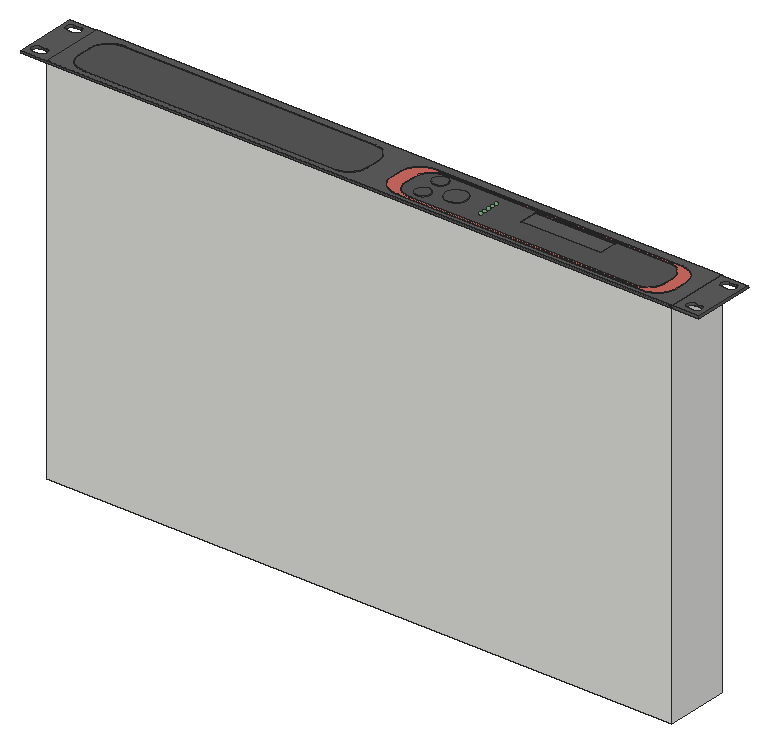
Revit family "Electronics_Fixed-Audio-DSP_Biamp_Tesira_TesiraFORTE_AVB-VT__", category Communication Devices, host Face, Revit 2020
Family settings
  Host = Face
  Maintain Annotation Orientation = No
  Round Connector Dimension = Use Diameter
  Part Type = Normal
  OmniClass Number = 23.85.10.11.11
  OmniClass Title = Sound and Signal Devices
  Cut with Voids When Loaded = No
  Shared = No
  Room Calculation Point = No
Parameters (values of type "AVB VT")
  Width = 19.00"  # constant formula
  Weight = 8.00 lbf  # constant formula
  Voltage = 120 V
  URL = "https://www.biamp.com/"
  Type 2 = yes
  Temperature Range = "32 - 104° F (0 - 40° C)"  # constant formula
  THD+N = "0dB gain, +4dBu input: < 0.006%; 54dB gain, -50dBu input: < 0.040%"  # constant formula
  Sampling Rate = "48kHz\r"  # constant formula
  Sample Rate = "USB 48kHz"  # constant formula
  Product data url = "https://www.bimobject.com/biamp/product/tesiraforte-avb-vt4_fixed-audio-dsp"
  Product Page URL = "https://www.biamp.com/products/tesira-fixed-audio-dsp#tesiraforte-avb-vt"
  Product Documentation Link = "https://downloads.biamp.com/assets/docs/default-source/data-sheets/biamp_data_sheet_tesiraforte_avb_vt_oct20.pdf"
  Power Factor = 1
  Phantom Power = "+48VDC (7mA/input)\r"  # constant formula
  Output Impedance = "207 ohm"  # constant formula
  Number of Poles = 1
  Number of Channels = "up to 8"  # constant formula
  Maximum Output = "+24dBu, +18dBu, +12dBu, +6dBu, 0dBu, -31dBu"  # constant formula
  Maximum Input = "+24dBu"  # constant formula
  Max Power Consumption = 35 W
  Input Impedance = "8 kohm"  # constant formula
  Input Gain Range = "0-66dB"  # constant formula
  Humidity = "0-98% relative humidity (non-condensing)"  # constant formula
  Housing Material = Biamp - Metal - Silver
  Height = 1.75"  # constant formula
  Frequency Response = "20Hz to 20kHz, +4dBu output: +0.25 dB/-0.5 dB"  # constant formula
  EIN = "no weighting, 22Hz to 22kHz: < -125dBu"  # constant formula
  Dynamic Range = "22Hz to 22kHz, 0dB gain: > 108dB\r"  # constant formula
  Depth = 10.50"  # constant formula
  DAN/AVB = yes
  VoIP+Telephone Line = yes
  Type1 = yes
  Model = "TesiraFORTÉ AVB VT"  # constant formula
  Manufacturer = "Biamp"  # constant formula
  Description = "TesiraFORTÉ® AVB VT4 Fixed I/O DSP"  # constant formula
  Default Elevation = 48.00"
  Cross Talk = "0dB gain, +4dBu input: < -85dB; 54dB gain, -50dBu input: < -75dB"  # constant formula
  Connector Description = "100-240VAC 50/60Hz"
  Compliance = "FCC Part 15B (USA), CE marked (Europe), UL und C-UL listed (USA and Canada), RCM (Australia), RoHS Directive (Europe)"  # constant formula
  Bit Depth = "16- or 24-bit"  # constant formula
  Assembly Code = ""
  Apparent Load = Max Power Consumption / Power Factor  # 35 VA
  Altitude = "0-6,600 ft (0-2000m) MSL"  # constant formula
  A/D - D/A Converters = "24-bit"  # constant formula
Reference planes (in)
  plane 1 "Center (Front/Back)": y = 0
  plane 2: z = 0
  plane 3 "Center (Left/Right)": x = 0
  plane 4: x = 18.35304
  plane 5: y = 0.60831
  plane 6: y = -0.59466
  plane 7: y = -0.86817
  plane 8: y = 0.88183
  plane 9: x = 18.67652
  plane 10: x = -0.32348
Forms (in)
  Extrusion 1, solid, material "Biamp - Plastic - Red", detail levels medium+fine
    sketch origin (9.17652, -0.86817, -5.18699) x (1, 0, 0) y (0, 1, 0)
      loop
        arc (0.91084, 1.51843) -> (0.52967, 1.36054) -> (0.37178, 0.97937) r 0.53906
        line (0.37178, 0.97937) -> (0.37178, 0.67022)
        arc (0.37178, 0.67022) -> (0.52998, 0.28829) -> (0.91192, 0.13009) r 0.54014
        line (0.91192, 0.13009) -> (7.81996, 0.13009)
        arc (7.81996, 0.13009) -> (8.20114, 0.28798) -> (8.35902, 0.66915) r 0.53906
        line (8.35902, 0.66915) -> (8.35902, 0.97937)
        arc (8.35902, 0.97937) -> (8.20114, 1.36054) -> (7.81996, 1.51843) r 0.53906
        line (7.81996, 1.51843) -> (0.91084, 1.51843)
      loop
        line (1.22622, 0.20126) -> (7.54738, 0.20126)
        arc (7.54738, 0.20126) -> (7.87547, 0.33716) -> (8.01138, 0.66526) r 0.464
        line (8.01138, 0.66526) -> (8.01138, 0.95126)
        arc (8.01138, 0.95126) -> (7.86493, 1.30482) -> (7.51138, 1.45126) r 0.5
        line (7.51138, 1.45126) -> (1.22622, 1.45126)
        arc (1.22622, 1.45126) -> (0.89753, 1.31511) -> (0.76138, 0.98642) r 0.46484
        line (0.76138, 0.98642) -> (0.76138, 0.66611)
        arc (0.76138, 0.66611) -> (0.89753, 0.33741) -> (1.22622, 0.20126) r 0.46484
    from 5.24135 to 5.25
  Extrusion 2, solid, material "Biamp - Metal - Black"
    sketch origin (9.17652, -0.86817, -5.18699) x (1, 0, 0) y (0, 1, 0)
      loop
        line (-9.5, 1.75) -> (-9.5, 0) -> (9.5, 0) -> (9.5, 1.75) -> (-9.5, 1.75)
    from 5.18699 to 5.24135
  Extrusion 3, void, detail levels medium+fine
    sketch origin (9.17652, -0.86817, -5.18699) x (1, 0, 0) y (0, 1, 0)
      loop
        arc (9.0994, 1.61097) -> (8.96492, 1.47649) -> (9.0994, 1.342) r 0.13448
        line (9.0994, 1.342) -> (9.25364, 1.342)
        arc (9.25364, 1.342) -> (9.38812, 1.47649) -> (9.25364, 1.61097) r 0.13448
        line (9.25364, 1.61097) -> (9.0994, 1.61097)
      loop
        arc (9.0994, 0.408) -> (8.96492, 0.27351) -> (9.0994, 0.13903) r 0.13448
        line (9.0994, 0.13903) -> (9.25364, 0.13903)
        arc (9.25364, 0.13903) -> (9.38812, 0.27351) -> (9.25364, 0.408) r 0.13448
        line (9.25364, 0.408) -> (9.0994, 0.408)
      loop
        arc (-9.25364, 1.61097) -> (-9.38812, 1.47649) -> (-9.25364, 1.342) r 0.13448
        line (-9.25364, 1.342) -> (-9.0994, 1.342)
        arc (-9.0994, 1.342) -> (-8.96492, 1.47649) -> (-9.0994, 1.61097) r 0.13448
        line (-9.0994, 1.61097) -> (-9.25364, 1.61097)
      loop
        arc (-9.25364, 0.408) -> (-9.38812, 0.27351) -> (-9.25364, 0.13903) r 0.13448
        line (-9.25364, 0.13903) -> (-9.0994, 0.13903)
        arc (-9.0994, 0.13903) -> (-8.96492, 0.27351) -> (-9.0994, 0.408) r 0.13448
        line (-9.0994, 0.408) -> (-9.25364, 0.408)
    from 5.18699 to 5.24135
  Extrusion 4, solid, material "Biamp - Glass - Gray", detail levels medium+fine
    sketch origin (9.17652, -0.86817, -5.18699) x (1, 0, 0) y (0, 1, 0)
      loop
        line (3.83453, 0.85955) -> (6.08453, 0.85955) -> (6.08453, 1.3833) -> (3.83453, 1.3833) -> (3.83453, 0.85955)
    from 5.24135 to 5.25
  Extrusion 5, solid, material "Biamp - Plastic - Black", detail levels medium+fine
    sketch origin (9.17652, -0.86817, -5.18699) x (1, 0, 0) y (0, 1, 0)
      loop
        arc (1.22622, 1.45126) -> (0.89753, 1.31511) -> (0.76138, 0.98642) r 0.46484
        line (0.76138, 0.98642) -> (0.76138, 0.66611)
        arc (0.76138, 0.66611) -> (0.89753, 0.33741) -> (1.22622, 0.20126) r 0.46484
        line (1.22622, 0.20126) -> (7.54738, 0.20126)
        arc (7.54738, 0.20126) -> (7.87547, 0.33716) -> (8.01138, 0.66526) r 0.464
        line (8.01138, 0.66526) -> (8.01138, 0.95126)
        arc (8.01138, 0.95126) -> (7.86493, 1.30482) -> (7.51138, 1.45126) r 0.5
        line (7.51138, 1.45126) -> (1.22622, 1.45126)
      loop
        line (3.83453, 0.85955) -> (6.08453, 0.85955) -> (6.08453, 1.3833) -> (3.83453, 1.3833) -> (3.83453, 0.85955)
    from 5.24135 to 5.24805
  Extrusion 6, solid, material "Biamp - Metal - Black", detail levels medium+fine
    sketch origin (9.17652, -0.86817, -5.18699) x (1, 0, 0) y (0, 1, 0)
      loop
        line (-8.75742, 1.75) -> (-8.75742, 0) -> (8.75742, 0) -> (8.75742, 1.75) -> (-8.75742, 1.75)
      loop
        line (8.35902, 0.66915) -> (8.35902, 0.97937)
        arc (8.35902, 0.97937) -> (8.20114, 1.36054) -> (7.81996, 1.51843) r 0.53906
        line (7.81996, 1.51843) -> (0.91084, 1.51843)
        arc (0.91084, 1.51843) -> (0.52967, 1.36054) -> (0.37178, 0.97937) r 0.53906
        line (0.37178, 0.97937) -> (0.37178, 0.67022)
        arc (0.37178, 0.67022) -> (0.52998, 0.28829) -> (0.91192, 0.13009) r 0.54014
        line (0.91192, 0.13009) -> (7.81996, 0.13009)
        arc (7.81996, 0.13009) -> (8.20114, 0.28798) -> (8.35902, 0.66915) r 0.53906
      loop
        line (-0.80003, 1.5425) -> (-7.86956, 1.5425)
        arc (-7.86956, 1.5425) -> (-8.22311, 1.39606) -> (-8.36956, 1.0425) r 0.5
        line (-8.36956, 1.0425) -> (-8.36956, 0.64195)
        arc (-8.36956, 0.64195) -> (-8.22311, 0.2884) -> (-7.86956, 0.14195) r 0.5
        line (-7.86956, 0.14195) -> (-0.80003, 0.14195)
        arc (-0.80003, 0.14195) -> (-0.44647, 0.2884) -> (-0.30003, 0.64195) r 0.5
        line (-0.30003, 0.64195) -> (-0.30003, 1.0425)
        arc (-0.30003, 1.0425) -> (-0.44647, 1.39606) -> (-0.80003, 1.5425) r 0.5
    from 5.24135 to 5.25
  Extrusion 7, solid, material "Biamp - Plastic - Black(Grid)", detail levels medium+fine
    sketch origin (9.17652, -0.86817, -5.18699) x (1, 0, 0) y (0, 1, 0)
      loop
        arc (-7.86956, 1.5425) -> (-8.22311, 1.39606) -> (-8.36956, 1.0425) r 0.5
        line (-8.36956, 1.0425) -> (-8.36956, 0.64195)
        arc (-8.36956, 0.64195) -> (-8.22311, 0.2884) -> (-7.86956, 0.14195) r 0.5
        line (-7.86956, 0.14195) -> (-0.80003, 0.14195)
        arc (-0.80003, 0.14195) -> (-0.44647, 0.2884) -> (-0.30003, 0.64195) r 0.5
        line (-0.30003, 0.64195) -> (-0.30003, 1.0425)
        arc (-0.30003, 1.0425) -> (-0.44647, 1.39606) -> (-0.80003, 1.5425) r 0.5
        line (-0.80003, 1.5425) -> (-7.86956, 1.5425)
    from 5.24135 to 5.25
  Extrusion 8, solid, material "Biamp - Metal - Silver" <- "Housing Material"
    sketch origin (9.17652, -0.86817, -5.18699) x (1, 0, 0) y (0, 0, -1)
      loop
        line (-8.75742, 5.25) -> (-8.75742, -5.18699) -> (8.75742, -5.18699) -> (8.75742, 5.25) -> (-8.75742, 5.25)
    from 0 to 1.75
  Extrusion 9, solid, material "Biamp - Metal - Silver" <- "Housing Material", visible <- "Type1"
    sketch origin (9.17652, -0.86817, -5.18699) x (1, 0, 0) y (0, 1, 0)
      loop
        line (6.99083, 1.52401) -> (6.99083, 0.59433) -> (8.24083, 0.59433) -> (8.24083, 1.52401) -> (6.99083, 1.52401)
      loop
        line (6.26249, 0.22588) -> (6.26249, 0.78659) -> (5.55775, 0.78659) -> (5.55775, 0.22588) -> (6.26249, 0.22588)
      loop
        line (3.15045, 0.26348) -> (3.23229, 0.72758) -> (2.37912, 0.72758) -> (2.46096, 0.26348) -> (3.15045, 0.26348)
      loop
        line (1.96267, 0.22749) -> (1.96267, 0.70184) -> (1.42474, 0.70184) -> (1.42474, 0.22749) -> (1.96267, 0.22749)
      loop
        line (0.16865, 0.53988) -> (-0.7835, 0.53988) -> (-0.7835, 0.22373) -> (0.16865, 0.22373) -> (0.16865, 0.53988)
      loop
        line (-4.9886, 1.33802) -> (-5.65288, 1.33802) -> (-5.65288, 0.88089) -> (-4.9886, 0.88089) -> (-4.9886, 1.33802)
      loop
        line (-5.96289, 1.33802) -> (-6.62717, 1.33802) -> (-6.62717, 0.88089) -> (-5.96289, 0.88089) -> (-5.96289, 1.33802)
      loop
        line (-6.93718, 1.33802) -> (-7.60145, 1.33802) -> (-7.60145, 0.88089) -> (-6.93718, 0.88089) -> (-6.93718, 1.33802)
      loop
        line (-7.91147, 1.33802) -> (-8.57574, 1.33802) -> (-8.57574, 0.88089) -> (-7.91147, 0.88089) -> (-7.91147, 1.33802)
      loop
        line (-5.65288, 0.68086) -> (-5.65288, 0.22373) -> (-4.9886, 0.22373) -> (-4.9886, 0.68086) -> (-5.65288, 0.68086)
      loop
        line (-5.96289, 0.68086) -> (-6.62717, 0.68086) -> (-6.62717, 0.22373) -> (-5.96289, 0.22373) -> (-5.96289, 0.68086)
      loop
        line (-6.93718, 0.22373) -> (-6.93718, 0.68086) -> (-7.60145, 0.68086) -> (-7.60145, 0.22373) -> (-6.93718, 0.22373)
      loop
        line (-7.91147, 0.22373) -> (-7.91147, 0.68086) -> (-8.57574, 0.68086) -> (-8.57574, 0.22373) -> (-7.91147, 0.22373)
    from -5.26366 to -5.25
  Extrusion 10, solid, material "Biamp - Metal - Silver" <- "Housing Material", visible <- "DAN/AVB"
    sketch origin (9.17652, -0.86817, -5.18699) x (1, 0, 0) y (0, 1, 0)
      loop
        line (5.02811, 0.22588) -> (5.02811, 0.78659) -> (4.32337, 0.78659) -> (4.32337, 0.22588) -> (5.02811, 0.22588)
    from -5.26366 to -5.25
  Extrusion 11, solid, material "Biamp - Metal - Silver" <- "Housing Material", visible <- "Type 2"
    sketch origin (9.17652, -0.86817, -5.18699) x (1, 0, 0) y (0, 1, 0)
      loop
        line (2.80571, 1.33802) -> (2.14143, 1.33802) -> (2.14143, 0.88089) -> (2.80571, 0.88089) -> (2.80571, 1.33802)
      loop
        line (1.83142, 1.33802) -> (1.16714, 1.33802) -> (1.16714, 0.88089) -> (1.83142, 0.88089) -> (1.83142, 1.33802)
      loop
        line (0.85713, 0.88089) -> (0.85713, 1.33802) -> (0.19286, 1.33802) -> (0.19286, 0.88089) -> (0.85713, 0.88089)
      loop
        line (-0.11716, 1.33802) -> (-0.78143, 1.33802) -> (-0.78143, 0.88089) -> (-0.11716, 0.88089) -> (-0.11716, 1.33802)
      loop
        line (-1.09145, 1.33802) -> (-1.75572, 1.33802) -> (-1.75572, 0.88089) -> (-1.09145, 0.88089) -> (-1.09145, 1.33802)
      loop
        line (-2.06574, 0.88089) -> (-2.06574, 1.33802) -> (-2.73001, 1.33802) -> (-2.73001, 0.88089) -> (-2.06574, 0.88089)
      loop
        line (-3.04003, 0.88089) -> (-3.04003, 1.33802) -> (-3.7043, 1.33802) -> (-3.7043, 0.88089) -> (-3.04003, 0.88089)
      loop
        line (-3.04003, 0.68086) -> (-3.7043, 0.68086) -> (-3.7043, 0.22373) -> (-3.04003, 0.22373) -> (-3.04003, 0.68086)
      loop
        line (-4.01432, 0.22373) -> (-4.01432, 0.68086) -> (-4.67859, 0.68086) -> (-4.67859, 0.22373) -> (-4.01432, 0.22373)
      loop
        line (-4.67859, 0.88089) -> (-4.01432, 0.88089) -> (-4.01432, 1.33802) -> (-4.67859, 1.33802) -> (-4.67859, 0.88089)
      loop
        line (-2.73001, 0.68086) -> (-2.73001, 0.22373) -> (-2.06574, 0.22373) -> (-2.06574, 0.68086) -> (-2.73001, 0.68086)
      loop
        line (-1.75572, 0.68086) -> (-1.75572, 0.22373) -> (-1.09145, 0.22373) -> (-1.09145, 0.68086) -> (-1.75572, 0.68086)
    from -5.26366 to -5.25
  Extrusion 12, solid, material "Biamp - Metal - Silver" <- "Housing Material", visible <- "VoIP+Telephone Line"
    sketch origin (9.17652, -0.86817, -5.18699) x (1, 0, 0) y (0, 1, 0)
      loop
        line (5.55775, 1.47409) -> (5.55775, 0.91338) -> (6.26249, 0.91338) -> (6.26249, 1.47409) -> (5.55775, 1.47409)
      loop
        line (3.47667, 1.47409) -> (2.97667, 1.47409) -> (2.97667, 0.91338) -> (3.47667, 0.91338) -> (3.47667, 1.47409)
    from -5.26366 to -5.25
  Extrusion 13, solid, material "Biamp - Plastic - Black", detail levels fine
    sketch origin (0, 0, 0) x (1, 0, 0) y (0, 1, 0)
      loop
        circle (10.50753, 0.30721) r 0.2
      loop
        circle (10.50753, -0.30721) r 0.2
      loop
        circle (11.19836, 0) r 0.29
    from 0 to 0.06301
  Revolve 14, solid, material "Biamp - Plastic - Green", detail levels fine
    sketch origin (12.10249, -1.02037, -5.09642) x (0, 1, 0) y (0, 0, 1)
      loop
        arc (1.33717, 5.15748) -> (1.29771, 5.19694) -> (1.25824, 5.15748) r 0.03946
        line (1.25824, 5.15748) -> (1.33717, 5.15748)
      loop
        arc (1.19785, 5.15748) -> (1.15839, 5.19694) -> (1.11892, 5.15748) r 0.03946
        line (1.11892, 5.15748) -> (1.19785, 5.15748)
      loop
        arc (1.05983, 5.15748) -> (1.02037, 5.19694) -> (0.9809, 5.15748) r 0.03946
        line (0.9809, 5.15748) -> (1.05983, 5.15748)
      loop
        arc (0.92095, 5.15748) -> (0.88149, 5.19694) -> (0.84202, 5.15748) r 0.03946
        line (0.84202, 5.15748) -> (0.92095, 5.15748)
      loop
        arc (0.78497, 5.15748) -> (0.7455, 5.19694) -> (0.70604, 5.15748) r 0.03946
        line (0.70604, 5.15748) -> (0.78497, 5.15748)
      axis (1.33717, 5.15748) -> (0.70604, 5.15748)
    angle from 270 to 450
Cuts and joins
  Extrusion 3 cuts Extrusion 2
Lines and regions (in)
  Masking region 1
    outline origin (0, 0, 0) x (1, 0, 0) y (0, 0, 1)
      loop
        line (-0.32348, 0) -> (0.4191, 0) -> (0.4191, -10.43699) -> (17.93394, -10.43699) -> (17.93394, 0) -> (18.67652, 0) -> (18.67652, 0.06301) -> (-0.32348, 0.06301) -> (-0.32348, 0)
  symbolic lines
    curve 1: line (-0.32348, 0, 0) -> (18.67652, 0, 0)
Dimensions and locks (in)
  aligned and locked: plane 2 to host face
  aligned and locked: level to host face
Connectors (in)
  electrical at (16.79235, 0.191, -10.45064), driven by "Number of Poles", driven by "Voltage", driven by "Apparent Load", driven by "Power Factor", driven by "Connector Description"
    settings: on Extrusion 9, index 1, voltage 120 V, apparent load 0 VA, apparent load phase1 35 VA, apparent load phase2 0 VA, apparent load phase3 0 VA, power factor 1, load classification "Other", number of poles 1, system type 31, power factor state 1, is connector primary yes, connector utility no, sub classification motor no, connector description "100-240VAC 50/60Hz"
  electrical at (15.08664, -0.36194, -10.45064)
    settings: on Extrusion 9, index 2, voltage 0 V, apparent load 0 VA, apparent load phase1 0 VA, apparent load phase2 0 VA, apparent load phase3 0 VA, power factor 1, load classification "Other", number of poles 1, system type 5, power factor state 1, is connector primary no, connector utility no, sub classification motor no, connector description "RJ-45; Network control connector"
  electrical at (13.85226, -0.36194, -10.45064)
    settings: on Extrusion 10, index 3, voltage 0 V, apparent load 0 VA, apparent load phase1 0 VA, apparent load phase2 0 VA, apparent load phase3 0 VA, power factor 1, load classification "Other", number of poles 1, system type 5, power factor state 1, is connector primary no, connector utility no, sub classification motor no, connector description "RJ-45; AVB"
  electrical at (11.98222, -0.37264, -10.45064)
    settings: on Extrusion 9, index 4, voltage 0 V, apparent load 0 VA, apparent load phase1 0 VA, apparent load phase2 0 VA, apparent load phase3 0 VA, power factor 1, load classification "Other", number of poles 1, system type 5, power factor state 1, is connector primary no, connector utility no, sub classification motor no, connector description "RS-232; Serial Port"
  electrical at (11.65009, 0.24129, -10.45064)
    settings: on Extrusion 11, index 5, voltage 0 V, apparent load 0 VA, apparent load phase1 0 VA, apparent load phase2 0 VA, apparent load phase3 0 VA, power factor 1, load classification "Other", number of poles 1, system type 5, power factor state 1, is connector primary no, connector utility no, sub classification motor no, connector description "Analog Input"
  electrical at (10.6758, 0.24129, -10.45064)
    settings: on Extrusion 11, index 6, voltage 0 V, apparent load 0 VA, apparent load phase1 0 VA, apparent load phase2 0 VA, apparent load phase3 0 VA, power factor 1, load classification "Other", number of poles 1, system type 5, power factor state 1, is connector primary no, connector utility no, sub classification motor no, connector description "Analog Input"
  electrical at (9.70151, 0.24129, -10.45064)
    settings: on Extrusion 11, index 7, voltage 0 V, apparent load 0 VA, apparent load phase1 0 VA, apparent load phase2 0 VA, apparent load phase3 0 VA, power factor 1, load classification "Other", number of poles 1, system type 5, power factor state 1, is connector primary no, connector utility no, sub classification motor no, connector description "Analog Input"
  electrical at (8.72722, 0.24129, -10.45064)
    settings: on Extrusion 11, index 8, voltage 0 V, apparent load 0 VA, apparent load phase1 0 VA, apparent load phase2 0 VA, apparent load phase3 0 VA, power factor 1, load classification "Other", number of poles 1, system type 5, power factor state 1, is connector primary no, connector utility no, sub classification motor no, connector description "Analog Input"
  electrical at (7.75293, 0.24129, -10.45064)
    settings: on Extrusion 11, index 9, voltage 0 V, apparent load 0 VA, apparent load phase1 0 VA, apparent load phase2 0 VA, apparent load phase3 0 VA, power factor 1, load classification "Other", number of poles 1, system type 5, power factor state 1, is connector primary no, connector utility no, sub classification motor no, connector description "Analog Input"
  electrical at (6.77864, 0.24129, -10.45064)
    settings: on Extrusion 11, index 10, voltage 0 V, apparent load 0 VA, apparent load phase1 0 VA, apparent load phase2 0 VA, apparent load phase3 0 VA, power factor 1, load classification "Other", number of poles 1, system type 5, power factor state 1, is connector primary no, connector utility no, sub classification motor no, connector description "Analog Input"
  electrical at (5.80436, 0.24129, -10.45064)
    settings: on Extrusion 11, index 11, voltage 0 V, apparent load 0 VA, apparent load phase1 0 VA, apparent load phase2 0 VA, apparent load phase3 0 VA, power factor 1, load classification "Other", number of poles 1, system type 5, power factor state 1, is connector primary no, connector utility no, sub classification motor no, connector description "Analog Input"
  electrical at (4.83007, 0.24129, -10.45064)
    settings: on Extrusion 11, index 12, voltage 0 V, apparent load 0 VA, apparent load phase1 0 VA, apparent load phase2 0 VA, apparent load phase3 0 VA, power factor 1, load classification "Other", number of poles 1, system type 5, power factor state 1, is connector primary no, connector utility no, sub classification motor no, connector description "Analog Input"
  electrical at (3.85578, 0.24129, -10.45064)
    settings: on Extrusion 9, index 13, voltage 0 V, apparent load 0 VA, apparent load phase1 0 VA, apparent load phase2 0 VA, apparent load phase3 0 VA, power factor 1, load classification "Other", number of poles 1, system type 5, power factor state 1, is connector primary no, connector utility no, sub classification motor no, connector description "Analog Input"
  electrical at (2.88149, 0.24129, -10.45064)
    settings: on Extrusion 9, index 14, voltage 0 V, apparent load 0 VA, apparent load phase1 0 VA, apparent load phase2 0 VA, apparent load phase3 0 VA, power factor 1, load classification "Other", number of poles 1, system type 5, power factor state 1, is connector primary no, connector utility no, sub classification motor no, connector description "Analog Input"
  electrical at (1.9072, 0.24129, -10.45064)
    settings: on Extrusion 9, index 15, voltage 0 V, apparent load 0 VA, apparent load phase1 0 VA, apparent load phase2 0 VA, apparent load phase3 0 VA, power factor 1, load classification "Other", number of poles 1, system type 5, power factor state 1, is connector primary no, connector utility no, sub classification motor no, connector description "Analog Input"
  electrical at (0.93291, 0.24129, -10.45064)
    settings: on Extrusion 9, index 16, voltage 0 V, apparent load 0 VA, apparent load phase1 0 VA, apparent load phase2 0 VA, apparent load phase3 0 VA, power factor 1, load classification "Other", number of poles 1, system type 5, power factor state 1, is connector primary no, connector utility no, sub classification motor no, connector description "Analog Input"
  electrical at (0.93291, -0.41588, -10.45064)
    settings: on Extrusion 9, index 17, voltage 0 V, apparent load 0 VA, apparent load phase1 0 VA, apparent load phase2 0 VA, apparent load phase3 0 VA, power factor 1, load classification "Other", number of poles 1, system type 5, power factor state 1, is connector primary no, connector utility no, sub classification motor no, connector description "Analog Output"
  electrical at (1.9072, -0.41588, -10.45064)
    settings: on Extrusion 9, index 18, voltage 0 V, apparent load 0 VA, apparent load phase1 0 VA, apparent load phase2 0 VA, apparent load phase3 0 VA, power factor 1, load classification "Other", number of poles 1, system type 5, power factor state 1, is connector primary no, connector utility no, sub classification motor no, connector description "Analog Output"
  electrical at (2.88149, -0.41588, -10.45064)
    settings: on Extrusion 9, index 19, voltage 0 V, apparent load 0 VA, apparent load phase1 0 VA, apparent load phase2 0 VA, apparent load phase3 0 VA, power factor 1, load classification "Other", number of poles 1, system type 5, power factor state 1, is connector primary no, connector utility no, sub classification motor no, connector description "Analog Output"
  electrical at (3.85578, -0.41588, -10.45064)
    settings: on Extrusion 9, index 20, voltage 0 V, apparent load 0 VA, apparent load phase1 0 VA, apparent load phase2 0 VA, apparent load phase3 0 VA, power factor 1, load classification "Other", number of poles 1, system type 5, power factor state 1, is connector primary no, connector utility no, sub classification motor no, connector description "Analog Output"
  electrical at (4.83007, -0.41588, -10.45064)
    settings: on Extrusion 11, index 21, voltage 0 V, apparent load 0 VA, apparent load phase1 0 VA, apparent load phase2 0 VA, apparent load phase3 0 VA, power factor 1, load classification "Other", number of poles 1, system type 5, power factor state 1, is connector primary no, connector utility no, sub classification motor no, connector description "Analog Output"
  electrical at (5.80436, -0.41588, -10.45064)
    settings: on Extrusion 11, index 22, voltage 0 V, apparent load 0 VA, apparent load phase1 0 VA, apparent load phase2 0 VA, apparent load phase3 0 VA, power factor 1, load classification "Other", number of poles 1, system type 5, power factor state 1, is connector primary no, connector utility no, sub classification motor no, connector description "Analog Output"
  electrical at (6.77864, -0.41588, -10.45064)
    settings: on Extrusion 11, index 23, voltage 0 V, apparent load 0 VA, apparent load phase1 0 VA, apparent load phase2 0 VA, apparent load phase3 0 VA, power factor 1, load classification "Other", number of poles 1, system type 5, power factor state 1, is connector primary no, connector utility no, sub classification motor no, connector description "Analog Output"
  electrical at (7.75293, -0.41588, -10.45064)
    settings: on Extrusion 11, index 24, voltage 0 V, apparent load 0 VA, apparent load phase1 0 VA, apparent load phase2 0 VA, apparent load phase3 0 VA, power factor 1, load classification "Other", number of poles 1, system type 5, power factor state 1, is connector primary no, connector utility no, sub classification motor no, connector description "Analog Output"
  electrical at (8.8691, -0.48637, -10.45064)
    settings: on Extrusion 9, index 25, voltage 0 V, apparent load 0 VA, apparent load phase1 0 VA, apparent load phase2 0 VA, apparent load phase3 0 VA, power factor 1, load classification "Other", number of poles 1, system type 5, power factor state 1, is connector primary no, connector utility no, sub classification motor no, connector description "GPIO; Logic I/O"
  electrical at (10.87022, -0.4035, -10.45064)
    settings: on Extrusion 9, index 26, voltage 0 V, apparent load 0 VA, apparent load phase1 0 VA, apparent load phase2 0 VA, apparent load phase3 0 VA, power factor 1, load classification "Other", number of poles 1, system type 5, power factor state 1, is connector primary no, connector utility no, sub classification motor no, connector description "USB"
  electrical at (15.08664, 0.32556, -10.45064)
    settings: on Extrusion 12, index 27, voltage 0 V, apparent load 0 VA, apparent load phase1 0 VA, apparent load phase2 0 VA, apparent load phase3 0 VA, power factor 1, load classification "Other", number of poles 1, system type 5, power factor state 1, is connector primary no, connector utility no, sub classification motor no, connector description "RJ-45; VoIP"
  electrical at (12.40319, 0.32556, -10.45064)
    settings: on Extrusion 12, index 28, voltage 0 V, apparent load 0 VA, apparent load phase1 0 VA, apparent load phase2 0 VA, apparent load phase3 0 VA, power factor 1, load classification "Other", number of poles 1, system type 5, power factor state 1, is connector primary no, connector utility no, sub classification motor no, connector description "RJ-11; Telephone line"
